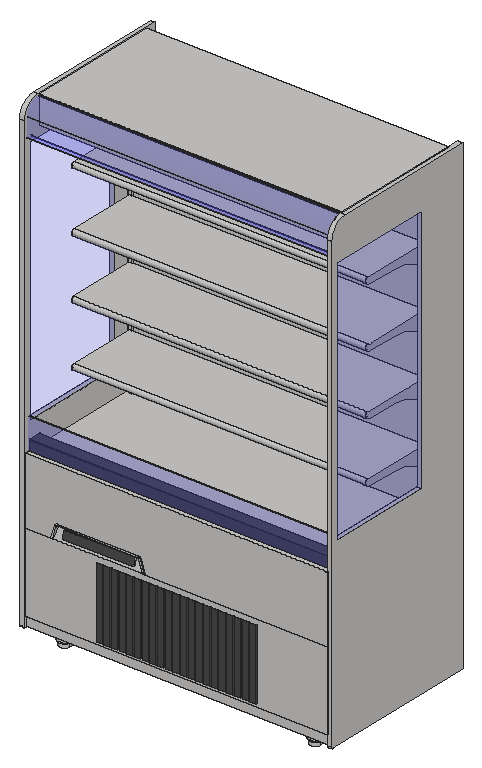
Revit family "Food-Service-Equipment_Oscartek_H78_1290", category Specialty Equipment, Revit 2026
Family settings
  Round Connector Dimension = Use Diameter
  Part Type = Normal
  Classification Number = 23.40.40.11
  Work Plane-Based = No
  Enable Cutting in Views = No
  Always vertical = Yes
  Cut with Voids When Loaded = No
  Maintain Annotation Orientation = No
  Shared = No
  Room Calculation Point = No
Parameters
  Width = 50 3/4"  # constant formula
  Weight in Pounds = 528
  Watts = Volts * FL Amps  # 1980 W
  Waste Water Discharge Temperature [instance] = -459.67 °F
  Volts = 220 V
  URL Cutsheet = "www.oscartek.com"
  URL = "www.oscartek.com"
  Type Mark [instance] = ""
  Type Comments = "As Specified"
  Test Data = "http://www.oscartek.com/company/clients.php"
  Status [instance] = ""
  Specification by User [instance] = ""
  Specification by Manufacturer = ""
  Specification = "https://www.arcat.com/arcatcos/cos48/arc48760.html"
  Show Square Side [instance] = no
  Show Round Side [instance] = not(Show Square Side)  # yes
  Serial Number = ""
  Seismic Rating = ""
  Sales Information = "http://www.oscartek.com/company/contact.php"
  SMACNA No = ""
  Revision Code [instance] = ""
  Revision = "R1_2018-10"
  Product Data = "http://www.oscartek.com/support/manuals/"
  Plumbing Remarks [instance] = ""
  Plumbing Connection Type [instance] = ""
  Phase = 1
  Omniclass Number and Title = ""
  Number of Poles [instance] = 1
  NAFEM Spec ID Number = ""
  Model = "H78 1290"
  Min Ckt Ampacity = 0 A
  Max Overcurrent Protection = 0 A
  Masterspec = ""
  Manufacturer Website = "http://www.oscartek.com/index.php"
  Manufacturer Phone - Toll Free = "855-885-2400"
  Manufacturer Phone = "650-342-2400"
  Manufacturer Fax = "650-342-7400"
  Manufacturer Address = "361 Beach Rd., Burlingame, CA 94010"
  Manufacturer = "OSCARTEK"
  Item Number [instance] = ""
  Installed By [instance] = ""
  Installation-Fabrication = "http://www.oscartek.com/support/manuals/"
  Indirect Waste Size = 1"
  Indirect Waste Flow [instance] = 0 GPM
  Indirect Waste Connection Type [instance] = ""
  Indirect Waste Connection Height = 0"
  Identify Quantity as Lot [instance] = yes
  HP = ""
  Green Building-LEED = "https://www.arcat.com/green/green_building.shtml"
  Furnished By [instance] = ""
  Foodservice Equipment Identifier [instance] = yes
  FL Amps = 9 A
  Electrical Remarks [instance] = ""
  Electric Connection Type [instance] = ""
  Elec Conn RI Height [instance] = 0"
  Elec Conn Connection Height [instance] = 0"
  Drawn By = "Sumex Design, Inc. / Robert S. Weygant, CSI, CDT, SCIP"
  Description = "MURO H78 SELF SERVE AIR SCREEN WALL REFRIGERATION SHOWCASES"
  Default Elevation = 0"
  Cycle = 60 Hz
  Copyright = "©Arcat Inc."
  Construction Details = "http://www.oscartek.com/support/manuals/"
  Conn Plug = ""
  Conn Conduit = yes
  Category = ""
  CSI MasterFormat = "11 41 33"
  CSI Master Format = "Foodservice Shelving"
  Building Codes = "https://www.arcat.com/arcatcos/cos48/arc48760.html"
  Apparent Power = if(Phase = 3, Volts * FL Amps * 1.73, Volts * FL Amps)  # 1980 VA
Reference planes (in)
  plane 1 "BACK": y = 0
  plane 2: z = 0
  plane 3 "LEFT": x = 0
  plane 4 "RIGHT": x = 50.75
  plane 5 "FRONT": y = -26.5
  plane 6 "TOP": z = 78.75
  plane 7 "Center Y": x = 25.375
  plane 8 "Center X": y = -13.25
  plane 9: z = 3.271
  plane 10: x = 0.75
  plane 11: x = 50
  plane 12: z = 16.75
Forms (in)
  Extrusion 1, solid, material "QF_Finishes_Stainless Steel", visible <- "Show Round Side"
    sketch origin (0, 0, 0) x (0, 1, 0) y (0, 0, 1)
      loop
        line (-26.46197, 2.20472) -> (0, 2.20472) -> (0, 78.75) -> (-23.75, 78.75)
        arc (-23.75, 78.75) -> (-25.69454, 77.94454) -> (-26.5, 76) r 2.75
        line (-26.5, 76) -> (-26.5, 2.24275)
        arc (-26.5, 2.24275) -> (-26.48886, 2.21586) -> (-26.46197, 2.20472) r 0.03803
      loop
        line (-25.5, 72.5) -> (-25.5, 31.95472) -> (-8.25, 31.95472) -> (-8.25, 72.5) -> (-25.5, 72.5)
    from 0 to 0.75
  Extrusion 2, solid, material "QF_Finishes_Stainless Steel", visible <- "Show Round Side"
    sketch origin (50.75, 0, 0) x (0, 1, 0) y (0, 0, 1)
      loop
        line (-26.46197, 2.20472) -> (0, 2.20472) -> (0, 78.75) -> (-23.75, 78.75)
        arc (-23.75, 78.75) -> (-25.69454, 77.94454) -> (-26.5, 76) r 2.75
        line (-26.5, 76) -> (-26.5, 2.24275)
        arc (-26.5, 2.24275) -> (-26.48886, 2.21586) -> (-26.46197, 2.20472) r 0.03803
      loop
        line (-25.5, 72.5) -> (-25.5, 31.95472) -> (-8.25, 31.95472) -> (-8.25, 72.5) -> (-25.5, 72.5)
    from 0 to -0.75
  Extrusion 3, solid, material "QF_Finishes_Stainless Steel"
    sketch origin (0, 0, 0) x (0, 1, 0) y (0, 0, 1)
      loop
        line (-26.34338, 2.40551) -> (-20.83158, 2.40551) -> (-20.83158, 3.937) -> (-26.34338, 3.937) -> (-26.34338, 2.40551)
      loop
        line (-6.97334, 2.40551) -> (-1.46154, 2.40551) -> (-1.46154, 3.937) -> (-6.97334, 3.937) -> (-6.97334, 2.40551)
    from 0.75 to 50
  Extrusion 4, solid, material "QF_Finishes_Stainless Steel"
    sketch origin (0, 0, 0) x (0, 1, 0) y (0, 0, 1)
      loop
        line (-26.40231, 3.937) -> (-1.86816, 3.937) -> (-1.86816, 74.20535) -> (-5.74413, 74.20535) -> (-5.74413, 20.17005) -> (-20.70592, 18.5975) -> (-24.50591, 20.79142) -> (-24.50591, 27.12554)
        arc (-24.50591, 27.12554) -> (-24.51736, 27.1533) -> (-24.54506, 27.16491) r 0.03937
        line (-24.54506, 27.16491) -> (-25.68701, 27.16491) -> (-25.68701, 27.63786)
        arc (-25.68701, 27.63786) -> (-25.69839, 27.66534) -> (-25.72586, 27.67672) r 0.03885
        line (-25.72586, 27.67672) -> (-26.41972, 27.67672)
        arc (-26.41972, 27.67672) -> (-26.44719, 27.66534) -> (-26.45857, 27.63788) r 0.03885
        line (-26.45857, 27.63788) -> (-26.46237, 16.75) -> (-26.40231, 16.75) -> (-26.40231, 3.937)
    from 0.75 to 50
  Extrusion 5, solid, material "QF_Finishes_Black"
    sketch origin (0, 0, 0) x (0, 1, 0) y (0, 0, 1)
      loop
        line (-25.68701, 27.16491) -> (-24.50591, 27.16491) -> (-24.50591, 20.79142) -> (-20.70592, 18.5975) -> (-5.74413, 20.17005) -> (-5.74413, 27.19737) -> (-22.53741, 27.19737) -> (-22.53741, 27.64347) -> (-23.70681, 29.31355)
        arc (-23.70681, 29.31355) -> (-23.72081, 29.32583) -> (-23.7389, 29.33026) r 0.03918
        line (-23.7389, 29.33026) -> (-25.64296, 29.33026)
        arc (-25.64296, 29.33026) -> (-25.67411, 29.31735) -> (-25.68701, 29.2862) r 0.04405
        line (-25.68701, 29.2862) -> (-25.68701, 27.16491)
    from 0.75 to 50
  Extrusion 6, solid, material "QF_Finishes_Stainless Steel"
    sketch origin (0, 0, 0) x (0, 1, 0) y (0, 0, 1)
      loop
        line (-22.51772, 27.20355) -> (-6.01382, 27.20355) -> (-6.01382, 27.67965) -> (-22.47332, 27.67965)
        arc (-22.47332, 27.67965) -> (-22.50472, 27.66665) -> (-22.51772, 27.63525) r 0.0444
        line (-22.51772, 27.63525) -> (-22.51772, 27.20355)
    from 0.75 to 50
  Extrusion 7, solid, material "QF_Finishes_Stainless Steel"
    sketch origin (0, -11.98827, 0) x (1, 0, 0) y (0, 1, 0)
      loop
        line (1.25, 5.99413) -> (1.75, 5.99413) -> (1.75, 6.24413) -> (1.25, 6.24413) -> (1.25, 5.99413)
      loop
        line (49.5, 5.99413) -> (49.5, 6.24413) -> (49, 6.24413) -> (49, 5.99413) -> (49.5, 5.99413)
    from 27.19737 to 73.95535
  Extrusion 8, solid, material "QF_Finishes_Stainless Steel"
    sketch origin (50.75, 0, 0) x (0, 1, 0) y (0, 0, 1)
      loop
        line (-5.99413, 36.89332) -> (-17.34146, 36.89332)
        arc (-17.34146, 36.89332) -> (-17.76886, 36.5717) -> (-17.57818, 36.07196) r 0.44479
        arc (-17.57818, 36.07196) -> (-17.19475, 35.89628) -> (-16.77882, 35.82639) r 1.60739
        line (-16.77882, 35.82639) -> (-11.71459, 35.64954)
        arc (-11.71459, 35.64954) -> (-8.59315, 34.99725) -> (-5.99413, 33.14954) r 7.79473
        line (-5.99413, 33.14954) -> (-5.99413, 36.89332)
      loop
        line (-5.99413, 46.69645) -> (-17.34146, 46.69645)
        arc (-17.34146, 46.69645) -> (-17.76886, 46.37483) -> (-17.57818, 45.87508) r 0.44479
        arc (-17.57818, 45.87508) -> (-17.19475, 45.69941) -> (-16.77882, 45.62952) r 1.60739
        line (-16.77882, 45.62952) -> (-11.71459, 45.45267)
        arc (-11.71459, 45.45267) -> (-8.59315, 44.80038) -> (-5.99413, 42.95267) r 7.79473
        line (-5.99413, 42.95267) -> (-5.99413, 46.69645)
      loop
        line (-5.99413, 56.49957) -> (-17.34146, 56.49958)
        arc (-17.34146, 56.49958) -> (-17.76886, 56.17796) -> (-17.57818, 55.67821) r 0.44479
        arc (-17.57818, 55.67821) -> (-17.19475, 55.50254) -> (-16.77882, 55.43264) r 1.60739
        line (-16.77882, 55.43264) -> (-11.71459, 55.2558)
        arc (-11.71459, 55.2558) -> (-8.59315, 54.6035) -> (-5.99413, 52.7558) r 7.79473
        line (-5.99413, 52.7558) -> (-5.99413, 56.49957)
      loop
        line (-5.99413, 66.3027) -> (-17.34146, 66.3027)
        arc (-17.34146, 66.3027) -> (-17.76886, 65.98109) -> (-17.57818, 65.48134) r 0.44479
        arc (-17.57818, 65.48134) -> (-17.19475, 65.30566) -> (-16.77882, 65.23577) r 1.60739
        line (-16.77882, 65.23577) -> (-11.71459, 65.05893)
        arc (-11.71459, 65.05893) -> (-8.59315, 64.40663) -> (-5.99413, 62.55893) r 7.79473
        line (-5.99413, 62.55893) -> (-5.99413, 66.3027)
    from -1.5625 to -1.4375
  Extrusion 9, solid, material "Glass"
    sketch origin (0, 0, 0) x (1, 0, 0) y (0, 1, 0)
      loop
        line (0.75, -25.8878) -> (50, -25.8878) -> (50, -25.68701) -> (0.75, -25.68701) -> (0.75, -25.8878)
    from 27.67672 to 32.79482
  Extrusion 10, solid, material "QF_Finishes_Stainless Steel"
    sketch origin (0, -21.8612, 29.41271) x (0, -0.264111, -0.964492) y (1, 0, 0)
      loop
        line (10.91245, 4.87364) -> (13.41245, 4.87364) -> (13.41245, 20.40346) -> (10.91245, 20.40346) -> (10.91245, 4.87364)
    from 0.96884 to 1.03549
  Extrusion 11, solid, material "QF_Finishes_Stainless Steel"
    sketch origin (0, 0, 0) x (1, 0, 0) y (0, 0, 1)
      loop
        line (5.64183, 18.76487) -> (5.02582, 16.75) -> (5.28724, 16.75) -> (5.8809, 18.69178)
        arc (5.8809, 18.69178) -> (5.97127, 18.81965) -> (6.11998, 18.86869) r 0.25
        line (6.11998, 18.86869) -> (19.13002, 18.86869)
        arc (19.13002, 18.86869) -> (19.27873, 18.81965) -> (19.3691, 18.69178) r 0.25
        line (19.3691, 18.69178) -> (19.96276, 16.75) -> (20.22418, 16.75) -> (19.60817, 18.76487)
        arc (19.60817, 18.76487) -> (19.42743, 19.02062) -> (19.13002, 19.11869) r 0.5
        line (19.13002, 19.11869) -> (6.11998, 19.11869)
        arc (6.11998, 19.11869) -> (5.82257, 19.02062) -> (5.64183, 18.76487) r 0.5
    from 25.13374 to 26.48762
  Extrusion 12, void
    sketch origin (0, 0, 0) x (1, 0, 0) y (0, 0, 1)
      loop
        arc (6.11998, 18.86869) -> (5.97127, 18.81965) -> (5.8809, 18.69178) r 0.25
        line (5.8809, 18.69178) -> (5.28724, 16.75) -> (19.96276, 16.75) -> (19.3691, 18.69178)
        arc (19.3691, 18.69178) -> (19.27873, 18.81965) -> (19.13002, 18.86869) r 0.25
        line (19.13002, 18.86869) -> (6.11998, 18.86869)
    from 25.13374 to 26.46149
  Extrusion 13, solid, material "QF_Finishes_Stainless Steel"
    sketch origin (0, 0, 0) x (0, 1, 0) y (0, 0, 1)
      loop
        line (-26.3643, 16.75) -> (-25.13374, 16.75) -> (-25.13374, 18.86869) -> (-25.80422, 18.86869) -> (-26.3643, 16.75)
    from 4.87364 to 20.40346
  Extrusion 14, solid, material "QF_Finishes_Stainless Steel"
    sketch origin (0, 0, 0) x (1, 0, 0) y (0, 1, 0)
      loop
        circle (46.75, -19.25) r 0.5
    from 16.18107 to 18.86869
  Extrusion 15, solid, material "QF_Finishes_Stainless Steel"
    sketch origin (0, -22.85993, 29.6862) x (0, -0.264111, -0.964492) y (1, 0, 0)
      loop
        arc (12.91245, 18.15026) -> (12.82092, 18.37123) -> (12.59995, 18.46276) r 0.3125
        line (12.59995, 18.46276) -> (12.02826, 18.46276)
        arc (12.02826, 18.46276) -> (11.80729, 18.37123) -> (11.71576, 18.15026) r 0.3125
        line (11.71576, 18.15026) -> (11.71576, 7.10053)
        arc (11.71576, 7.10053) -> (11.80752, 6.879) -> (12.02905, 6.78724) r 0.31329
        line (12.02905, 6.78724) -> (12.59995, 6.78724)
        arc (12.59995, 6.78724) -> (12.82092, 6.87877) -> (12.91245, 7.09974) r 0.3125
        line (12.91245, 7.09974) -> (12.91245, 18.15026)
    from 0 to 0.125
  Extrusion 16, solid, material "QF_Finishes_Black"
    sketch origin (0, -26.40231, 4.01088) x (0, 0, -1) y (1, 0, 0)
      loop
        line (-11.77886, 15.88176) -> (-11.77886, 14.88176) -> (-0.27886, 14.88176) -> (-0.27886, 15.88176) -> (-11.77886, 15.88176)
      loop
        line (-0.27886, 17.13176) -> (-11.77886, 17.13176) -> (-11.77886, 16.13176) -> (-0.27886, 16.13176) -> (-0.27886, 17.13176)
      loop
        line (-0.27886, 18.38176) -> (-11.77886, 18.38176) -> (-11.77886, 17.38176) -> (-0.27886, 17.38176) -> (-0.27886, 18.38176)
      loop
        line (-0.27886, 19.63176) -> (-11.77886, 19.63176) -> (-11.77886, 18.63176) -> (-0.27886, 18.63176) -> (-0.27886, 19.63176)
      loop
        line (-11.77886, 20.88176) -> (-11.77886, 19.88176) -> (-0.27886, 19.88176) -> (-0.27886, 20.88176) -> (-11.77886, 20.88176)
      loop
        line (-11.77886, 21.13176) -> (-0.27886, 21.13176) -> (-0.27886, 22.13176) -> (-11.77886, 22.13176) -> (-11.77886, 21.13176)
      loop
        line (-11.77886, 22.38176) -> (-0.27886, 22.38176) -> (-0.27886, 23.38176) -> (-11.77886, 23.38176) -> (-11.77886, 22.38176)
      loop
        line (-0.27886, 23.63176) -> (-0.27886, 24.63176) -> (-11.77886, 24.63176) -> (-11.77886, 23.63176) -> (-0.27886, 23.63176)
      loop
        line (-11.77886, 24.88176) -> (-0.27886, 24.88176) -> (-0.27886, 25.88176) -> (-11.77886, 25.88176) -> (-11.77886, 24.88176)
      loop
        line (-11.77886, 26.13176) -> (-0.27886, 26.13176) -> (-0.27886, 27.13176) -> (-11.77886, 27.13176) -> (-11.77886, 26.13176)
      loop
        line (-0.27886, 27.38176) -> (-0.27886, 28.38176) -> (-11.77886, 28.38176) -> (-11.77886, 27.38176) -> (-0.27886, 27.38176)
      loop
        line (-11.77886, 13.38176) -> (-11.77886, 12.38176) -> (-0.27886, 12.38176) -> (-0.27886, 13.38176) -> (-11.77886, 13.38176)
      loop
        line (-0.27886, 14.63176) -> (-11.77886, 14.63176) -> (-11.77886, 13.63176) -> (-0.27886, 13.63176) -> (-0.27886, 14.63176)
      loop
        line (-11.77886, 28.63176) -> (-0.27886, 28.63176) -> (-0.27886, 29.63176) -> (-11.77886, 29.63176) -> (-11.77886, 28.63176)
      loop
        line (-0.27886, 29.88176) -> (-0.27886, 30.88176) -> (-11.77886, 30.88176) -> (-11.77886, 29.88176) -> (-0.27886, 29.88176)
      loop
        line (-11.77886, 34.86824) -> (-0.27886, 34.86824) -> (-0.27886, 35.86824) -> (-11.77886, 35.86824) -> (-11.77886, 34.86824)
      loop
        line (-0.27886, 33.61824) -> (-0.27886, 34.61824) -> (-11.77886, 34.61824) -> (-11.77886, 33.61824) -> (-0.27886, 33.61824)
      loop
        line (-0.27886, 32.36824) -> (-0.27886, 33.36824) -> (-11.77886, 33.36824) -> (-11.77886, 32.36824) -> (-0.27886, 32.36824)
      loop
        line (-0.27886, 31.11824) -> (-0.27886, 32.11824) -> (-11.77886, 32.11824) -> (-11.77886, 31.11824) -> (-0.27886, 31.11824)
      loop
        line (-11.77886, 37.36824) -> (-0.27886, 37.36824) -> (-0.27886, 38.36824) -> (-11.77886, 38.36824) -> (-11.77886, 37.36824)
      loop
        line (-0.27886, 36.11824) -> (-0.27886, 37.11824) -> (-11.77886, 37.11824) -> (-11.77886, 36.11824) -> (-0.27886, 36.11824)
    from 0 to 0.0625
  Revolve 17, solid, material "QF_Finishes_Stainless Steel"
    sketch origin (28.62286, -23.62286, 0) x (1, 0, 0) y (0, 0, 1)
      loop
        line (-23.62286, 0) -> (-22.75672, 0) -> (-22.75672, 0.69791) -> (-22.67415, 0.69791)
        arc (-22.67415, 0.69791) -> (-22.56591, 0.7425) -> (-22.5205, 0.85039) r 0.15366
        line (-22.5205, 0.85039) -> (-22.5205, 2.40551) -> (-23.62286, 2.40551) -> (-23.62286, 0)
      axis (-23.62286, 0) -> (-23.62286, 2.40551)
    angle from 0 to 360
  Revolve 18, solid, material "QF_Finishes_Stainless Steel"
    sketch origin (28.62286, -4.25282, 0) x (1, 0, 0) y (0, 0, 1)
      loop
        line (-23.62286, 0) -> (-22.75672, 0) -> (-22.75672, 0.69791) -> (-22.67415, 0.69791)
        arc (-22.67415, 0.69791) -> (-22.56591, 0.7425) -> (-22.5205, 0.85039) r 0.15366
        line (-22.5205, 0.85039) -> (-22.5205, 2.40551) -> (-23.62286, 2.40551) -> (-23.62286, 0)
      axis (-23.62286, 0) -> (-23.62286, 2.40551)
    angle from 0 to 360
  Revolve 19, solid, material "QF_Finishes_Stainless Steel"
    sketch origin (-3.37286, -23.62286, 0) x (-1, 0, 0) y (0, 0, -1)
      loop
        line (-49.12286, 0) -> (-49.12286, -2.40551) -> (-48.0205, -2.40551) -> (-48.0205, -0.85039)
        arc (-48.0205, -0.85039) -> (-48.06591, -0.7425) -> (-48.17415, -0.69791) r 0.15366
        line (-48.17415, -0.69791) -> (-48.25672, -0.69791) -> (-48.25672, 0) -> (-49.12286, 0)
      axis (-49.12286, 0) -> (-49.12286, -2.40551)
    angle from 0 to 360
  Revolve 20, solid, material "QF_Finishes_Stainless Steel"
    sketch origin (-3.37286, -4.25282, 0) x (-1, 0, 0) y (0, 0, -1)
      loop
        line (-49.12286, 0) -> (-49.12286, -2.40551) -> (-48.0205, -2.40551) -> (-48.0205, -0.85039)
        arc (-48.0205, -0.85039) -> (-48.06591, -0.7425) -> (-48.17415, -0.69791) r 0.15366
        line (-48.17415, -0.69791) -> (-48.25672, -0.69791) -> (-48.25672, 0) -> (-49.12286, 0)
      axis (-49.12286, 0) -> (-49.12286, -2.40551)
    angle from 0 to 360
  Extrusion 21, solid, material "Glass", visible <- "Show Round Side"
    sketch origin (0, 0, 0) x (0, -1, 0) y (0, 0, 1)
      loop
        line (8.25, 72.5) -> (8.25, 31.95472) -> (25.5, 31.95472) -> (25.5, 72.5) -> (8.25, 72.5)
    from 0 to -0.75
  Extrusion 22, solid, material "Glass", visible <- "Show Round Side"
    sketch origin (50.75, 0, 0) x (0, 1, 0) y (0, 0, 1)
      loop
        line (-8.25, 72.5) -> (-25.5, 72.5) -> (-25.5, 31.95472) -> (-8.25, 31.95472) -> (-8.25, 72.5)
    from 0 to -0.75
  Extrusion 23, solid, material "QF_Finishes_Stainless Steel"
    sketch origin (0, 0, 0) x (0, 1, 0) y (0, 0, -1)
      loop
        line (-5.99413, -36.89332) -> (-5.99413, -33.14954)
        arc (-5.99413, -33.14954) -> (-8.59315, -34.99725) -> (-11.71459, -35.64954) r 7.79473
        line (-11.71459, -35.64954) -> (-16.77882, -35.82639)
        arc (-16.77882, -35.82639) -> (-17.19475, -35.89628) -> (-17.57818, -36.07196) r 1.60739
        arc (-17.57818, -36.07196) -> (-17.76886, -36.5717) -> (-17.34146, -36.89332) r 0.44479
        line (-17.34146, -36.89332) -> (-5.99413, -36.89332)
      loop
        line (-5.99413, -46.69645) -> (-5.99413, -42.95267)
        arc (-5.99413, -42.95267) -> (-8.59315, -44.80038) -> (-11.71459, -45.45267) r 7.79473
        line (-11.71459, -45.45267) -> (-16.77882, -45.62952)
        arc (-16.77882, -45.62952) -> (-17.19475, -45.69941) -> (-17.57818, -45.87508) r 1.60739
        arc (-17.57818, -45.87508) -> (-17.76886, -46.37483) -> (-17.34146, -46.69645) r 0.44479
        line (-17.34146, -46.69645) -> (-5.99413, -46.69645)
      loop
        line (-5.99413, -56.49957) -> (-5.99413, -52.7558)
        arc (-5.99413, -52.7558) -> (-8.59315, -54.6035) -> (-11.71459, -55.2558) r 7.79473
        line (-11.71459, -55.2558) -> (-16.77882, -55.43264)
        arc (-16.77882, -55.43264) -> (-17.19475, -55.50254) -> (-17.57818, -55.67821) r 1.60739
        arc (-17.57818, -55.67821) -> (-17.76886, -56.17796) -> (-17.34146, -56.49958) r 0.44479
        line (-17.34146, -56.49958) -> (-5.99413, -56.49957)
      loop
        line (-5.99413, -66.3027) -> (-5.99413, -62.55893)
        arc (-5.99413, -62.55893) -> (-8.59315, -64.40663) -> (-11.71459, -65.05893) r 7.79473
        line (-11.71459, -65.05893) -> (-16.77882, -65.23577)
        arc (-16.77882, -65.23577) -> (-17.19475, -65.30566) -> (-17.57818, -65.48134) r 1.60739
        arc (-17.57818, -65.48134) -> (-17.76886, -65.98109) -> (-17.34146, -66.3027) r 0.44479
        line (-17.34146, -66.3027) -> (-5.99413, -66.3027)
    from -1.5625 to -1.4375
  Extrusion 24, solid, material "QF_Finishes_Stainless Steel"
    sketch origin (0, 0, 0) x (0, 1, 0) y (0, 0, -1)
      loop
        line (-5.99413, -36.89332) -> (-5.99413, -35.82639) -> (-16.77882, -35.82639)
        arc (-16.77882, -35.82639) -> (-17.19475, -35.89628) -> (-17.57818, -36.07196) r 1.60739
        arc (-17.57818, -36.07196) -> (-17.76886, -36.5717) -> (-17.34146, -36.89332) r 0.44479
        line (-17.34146, -36.89332) -> (-5.99413, -36.89332)
      loop
        line (-5.99413, -46.69645) -> (-5.99413, -45.62952) -> (-16.77882, -45.62952)
        arc (-16.77882, -45.62952) -> (-17.19475, -45.69941) -> (-17.57818, -45.87508) r 1.60739
        arc (-17.57818, -45.87508) -> (-17.76886, -46.37483) -> (-17.34146, -46.69645) r 0.44479
        line (-17.34146, -46.69645) -> (-5.99413, -46.69645)
      loop
        line (-5.99413, -56.49957) -> (-5.99413, -55.43264) -> (-16.77882, -55.43264)
        arc (-16.77882, -55.43264) -> (-17.19475, -55.50254) -> (-17.57818, -55.67821) r 1.60739
        arc (-17.57818, -55.67821) -> (-17.76886, -56.17796) -> (-17.34146, -56.49958) r 0.44479
        line (-17.34146, -56.49958) -> (-5.99413, -56.49957)
      loop
        line (-5.99413, -66.3027) -> (-5.99413, -65.23577) -> (-16.77882, -65.23577)
        arc (-16.77882, -65.23577) -> (-17.19475, -65.30566) -> (-17.57818, -65.48134) r 1.60739
        arc (-17.57818, -65.48134) -> (-17.76886, -65.98109) -> (-17.34146, -66.3027) r 0.44479
        line (-17.34146, -66.3027) -> (-5.99413, -66.3027)
    from -49.1875 to -1.5625
  Extrusion 25, solid, material "QF_Finishes_Stainless Steel", visible <- "Show Round Side"
    sketch origin (0, 0, 0) x (0, 1, 0) y (0, 0, 1)
      loop
        line (-1.86816, 74.20535) -> (-1.86816, 78.75) -> (-23.61812, 78.75) -> (-23.61812, 74.20535) -> (-1.86816, 74.20535)
      loop
        arc (-26.12086, 73.35631) -> (-26.07664, 73.24957) -> (-25.9699, 73.20535) r 0.15096
        line (-25.9699, 73.20535) -> (-25.18659, 73.20535)
        arc (-25.18659, 73.20535) -> (-25.12409, 73.26785) -> (-25.18659, 73.33035) r 0.0625
        line (-25.18659, 73.33035) -> (-25.99586, 73.33035) -> (-25.99586, 76.375)
        arc (-25.99586, 76.375) -> (-25.37346, 77.8776) -> (-23.87086, 78.5) r 2.125
        line (-23.87086, 78.5) -> (-23.63863, 78.5) -> (-23.63863, 78.625) -> (-23.87086, 78.625)
        arc (-23.87086, 78.625) -> (-25.46185, 77.96599) -> (-26.12086, 76.375) r 2.25
        line (-26.12086, 76.375) -> (-26.12086, 73.35631)
    from 0.75 to 50
  Extrusion 26, solid, material "QF_Finishes_Stainless Steel", visible <- "Show Square Side"
    sketch origin (0, 0, 0) x (0, 1, 0) y (0, 0, 1)
      loop
        line (-26.46197, 2.20472) -> (0, 2.20472) -> (0, 78.5) -> (-26.46855, 78.5)
        arc (-26.46855, 78.5) -> (-26.49079, 78.49079) -> (-26.5, 78.46855) r 0.03145
        line (-26.5, 78.46855) -> (-26.5, 2.24275)
        arc (-26.5, 2.24275) -> (-26.48886, 2.21586) -> (-26.46197, 2.20472) r 0.03803
    from 0 to 0.75
  Extrusion 27, solid, material "QF_Finishes_Stainless Steel", visible <- "Show Square Side"
    sketch origin (50.75, 0, 0) x (0, 1, 0) y (0, 0, 1)
      loop
        line (-26.46197, 2.20472) -> (0, 2.20472) -> (0, 78.5) -> (-26.46855, 78.5)
        arc (-26.46855, 78.5) -> (-26.49079, 78.49079) -> (-26.5, 78.46855) r 0.03145
        line (-26.5, 78.46855) -> (-26.5, 2.24275)
        arc (-26.5, 2.24275) -> (-26.48886, 2.21586) -> (-26.46197, 2.20472) r 0.03803
    from 0 to -0.75
  Extrusion 28, solid, material "QF_Finishes_Stainless Steel", visible <- "Show Square Side"
    sketch origin (0, 0, 0) x (0, 1, 0) y (0, 0, 1)
      loop
        line (-1.86816, 73.95535) -> (-1.86816, 78.5) -> (-26.46855, 78.5)
        arc (-26.46855, 78.5) -> (-26.49079, 78.49079) -> (-26.5, 78.46855) r 0.03145
        line (-26.5, 78.46855) -> (-26.5, 72.95281)
        arc (-26.5, 72.95281) -> (-26.4861, 72.91926) -> (-26.45256, 72.90536) r 0.04744
        line (-26.45256, 72.90536) -> (-26.06693, 72.90536)
        arc (-26.06693, 72.90536) -> (-26.02559, 72.9467) -> (-26.06693, 72.98804) r 0.04134
        line (-26.06693, 72.98804) -> (-26.33346, 72.98804) -> (-26.33346, 74.19651) -> (-25.63361, 75.196) -> (-25.03709, 75.196)
        arc (-25.03709, 75.196) -> (-24.50394, 74.98804) -> (-23.97079, 75.196) r 0.7874
        line (-23.97079, 75.196) -> (-23.61812, 75.196) -> (-23.61812, 73.95535) -> (-1.86816, 73.95535)
    from 0.75 to 50
Cuts and joins
  Extrusion 12 cuts Extrusion 4
  joined: Extrusion 4, Extrusion 10, Extrusion 11, Extrusion 13
  joined: Extrusion 8, Extrusion 23, Extrusion 24
Lines and regions (in)
  symbolic lines
    curve 1: line (0.75, 0, 0) -> (0, 0, 0)
    curve 2: line (0.75, -26.5, 0) -> (0.75, 0, 0)
    curve 3: line (0, -26.5, 0) -> (0.75, -26.5, 0)
    curve 4: line (0, 0, 0) -> (0, -26.5, 0)
    curve 5: line (50, -26.5, 0) -> (50.75, -26.5, 0)
    curve 6: line (50, 0, 0) -> (50, -26.5, 0)
    curve 7: line (50.75, 0, 0) -> (50, 0, 0)
    curve 8: line (50.75, -26.5, 0) -> (50.75, 0, 0)
    curve 9: line (50, -1.46154, 0) -> (0.75, -1.46154, 0)
    curve 10: line (0.75, -26.25, 0) -> (50, -26.25, 0)
  symbolic lines, visible <- "Show Round Side"
    curve 11: line (0.75, -23.61812, 0) -> (50, -23.61812, 0)
Dimensions and locks (in)
  equal spacing: plane 3 "LEFT", plane 7 "Center Y", plane 4 "RIGHT"
  "Width": plane 3 "LEFT" to plane 4 "RIGHT"
  equal spacing: plane 5 "FRONT", plane 8 "Center X", plane 1 "BACK"
  plane 5 "FRONT" to plane 1 "BACK" = 26 1/2"
  plane 6 "TOP" to level = 78 3/4"
  locked: plane 3 "LEFT" to plane 10 at 0.75
  locked: plane 11 to plane 4 "RIGHT" at 0.75
  Extrusion 8 to Extrusion 8 to plane 4 "RIGHT" = 1/8" locked, 1 7/16" locked
  plane 12 to level = 16 3/4"
  Extrusion 11 sketch curve to Extrusion 11 sketch curve to Extrusion 11 sketch curve to Extrusion 11 sketch curve to Extrusion 11 sketch curve to Extrusion 11 sketch curve to Extrusion 11 sketch curve to Extrusion 11 sketch curve = 0.26142" locked, 0.83274" locked, 0" locked, 13.01004" locked, 0" locked, 0.83274" locked, 0.26142" locked
  plane 3 "LEFT" to Extrusion 10 sketch curve to Extrusion 10 sketch curve = 4.87364" locked, 15.52982" locked
  Extrusion 12 sketch curve to Extrusion 12 sketch curve to Extrusion 12 sketch curve to Extrusion 12 sketch curve = 0.83274" locked, 13.01004" locked, 0.83274" locked
  Revolve 19 sketch curve to Revolve 19 sketch curve to Revolve 19 sketch curve to Revolve 19 sketch curve to plane 4 "RIGHT" = 0.15365" locked, 0.08257" locked, 0.86614" locked, 5" locked
  Revolve 20 sketch curve to Revolve 20 sketch curve to Revolve 20 sketch curve to Revolve 20 sketch curve to plane 4 "RIGHT" = 0.15365" locked, 0.08257" locked, 0.86614" locked, 5" locked
  locked: Extrusion 23 to Extrusion 23 at 0.125
  aligned and locked: level to plane 2
  aligned and locked: plane 6 "TOP" to Extrusion 1 sketch curve
  aligned and locked: Extrusion 2 to plane 11
  aligned and locked: plane 10 to Extrusion 3
  aligned and locked: plane 11 to Extrusion 3
  aligned and locked: plane 10 to Extrusion 4
  aligned and locked: plane 11 to Extrusion 4
  aligned and locked: plane 10 to Extrusion 5
  aligned and locked: plane 11 to Extrusion 5
  aligned and locked: plane 10 to Extrusion 6
  aligned and locked: plane 11 to Extrusion 6
  aligned and locked: Extrusion 24 to Extrusion 23
  aligned and locked: Extrusion 24 to Extrusion 8
  aligned and locked: plane 11 to Extrusion 28
  aligned and locked: plane 11 to Extrusion 25
Automatic sketch dimensions
  plane 1 "BACK" to curve 1 = 0"
  curve 1 to plane 3 "LEFT" = 0"
  plane 5 "FRONT" to curve 3 = 0"
  curve 3 to plane 10 = 0"
  plane 5 "FRONT" to curve 6 = 0"
  curve 6 to plane 11 = 0"
  plane 1 "BACK" to curve 7 = 0"
  curve 7 to plane 4 "RIGHT" = 0"
  curve 10 to plane 5 "FRONT" = 1/4"
  plane 1 "BACK" to curve 9 = 1.46154"
  Extrusion 1 sketch curve to plane 5 "FRONT" = 0"
  Extrusion 1 sketch curve to plane 1 "BACK" = 0"
  Extrusion 1 sketch curve to plane 5 "FRONT" = 0.03803"
  Extrusion 1 sketch curve to plane 5 "FRONT" = 1"
  Extrusion 1 sketch curve to plane 5 "FRONT" = 2 3/4"
  plane 8 "Center X" to Extrusion 1 sketch curve = 5"
  Extrusion 1 sketch curve to Extrusion 1 sketch curve = 3 1/2"
  plane 12 to Extrusion 1 sketch curve = 15.20472"
  Extrusion 1 sketch curve to plane 9 = 1.02825"
  Extrusion 2 sketch curve to plane 5 "FRONT" = 0"
  Extrusion 2 sketch curve to plane 6 "TOP" = 0"
  Extrusion 2 sketch curve to plane 1 "BACK" = 0"
  Extrusion 2 sketch curve to plane 5 "FRONT" = 0.03803"
  Extrusion 2 sketch curve to plane 5 "FRONT" = 1"
  Extrusion 2 sketch curve to Extrusion 2 sketch curve = 2 3/4"
  plane 8 "Center X" to Extrusion 2 sketch curve = 5"
  Extrusion 2 sketch curve to Extrusion 2 sketch curve = 3 1/2"
  plane 12 to Extrusion 2 sketch curve = 15.20472"
  Extrusion 2 sketch curve to plane 9 = 1.02825"
  Extrusion 3 sketch curve to plane 5 "FRONT" = 0.15662"
  plane 9 to Extrusion 3 sketch curve = 0.666"  (x2)
  Extrusion 3 sketch curve to Extrusion 3 sketch curve = 5.5118"
  Extrusion 3 sketch curve to plane 9 = 0.86549"  (x2)
  plane 8 "Center X" to Extrusion 3 sketch curve = 6.27666"
  plane 1 "BACK" to Extrusion 3 sketch curve = 1.46154"
  Extrusion 4 sketch curve to plane 12 = 0"
  Extrusion 4 sketch curve to plane 5 "FRONT" = 0.03763"
  Extrusion 4 sketch curve to plane 5 "FRONT" = 0.04143"
  Extrusion 4 sketch curve to Extrusion 4 sketch curve = 0.03885"  (x3)
  Extrusion 4 sketch curve to plane 5 "FRONT" = 0.09769"
  Extrusion 4 sketch curve to Extrusion 4 sketch curve = 0.69386"
  Extrusion 4 sketch curve to Extrusion 4 sketch curve = 1.14173"
  Extrusion 4 sketch curve to Extrusion 4 sketch curve = 0.00022"
  Extrusion 4 sketch curve to Extrusion 4 sketch curve = 0.03937"
  plane 12 to Extrusion 4 sketch curve = 1.8475"
  Extrusion 4 sketch curve to Extrusion 4 sketch curve = 3.79999"
  plane 1 "BACK" to Extrusion 4 sketch curve = 5.74413"
  plane 9 to Extrusion 4 sketch curve = 0.666"
  plane 1 "BACK" to Extrusion 4 sketch curve = 1.86816"
  plane 12 to Extrusion 4 sketch curve = 3.42005"
  plane 12 to Extrusion 4 sketch curve = 4.04142"
  Extrusion 4 sketch curve to Extrusion 4 sketch curve = 6.33411"
  Extrusion 4 sketch curve to Extrusion 4 sketch curve = 0.47296"
  Extrusion 5 sketch curve to plane 5 "FRONT" = 0.81299"
  Extrusion 5 sketch curve to Extrusion 5 sketch curve = 0.04405"
  Extrusion 5 sketch curve to Extrusion 5 sketch curve = 0"  (x2)
  Extrusion 5 sketch curve to Extrusion 5 sketch curve = 1.1811"
  Extrusion 5 sketch curve to Extrusion 5 sketch curve = 1.90406"
  Extrusion 5 sketch curve to Extrusion 5 sketch curve = 0.03209"
  Extrusion 5 sketch curve to Extrusion 5 sketch curve = 1.9685"
  plane 12 to Extrusion 5 sketch curve = 1.8475"
  Extrusion 5 sketch curve to Extrusion 5 sketch curve = 3.79999"
  plane 1 "BACK" to Extrusion 5 sketch curve = 5.74413"
  plane 12 to Extrusion 5 sketch curve = 3.42005"
  plane 12 to Extrusion 5 sketch curve = 4.04142"
  Extrusion 5 sketch curve to Extrusion 5 sketch curve = 6.37348"
  Extrusion 5 sketch curve to Extrusion 5 sketch curve = 7.02732"
  Extrusion 5 sketch curve to Extrusion 5 sketch curve = 0.03247"
  Extrusion 5 sketch curve to Extrusion 5 sketch curve = 0.4461"
  Extrusion 5 sketch curve to Extrusion 5 sketch curve = 2.1213"
  Extrusion 5 sketch curve to Extrusion 5 sketch curve = 0.00488"
  Extrusion 5 sketch curve to Extrusion 5 sketch curve = 0.02247"
  Extrusion 6 sketch curve to plane 5 "FRONT" = 3.98228"
  Extrusion 6 sketch curve to Extrusion 6 sketch curve = 0.0444"
  plane 1 "BACK" to Extrusion 6 sketch curve = 6.01382"
  plane 12 to Extrusion 6 sketch curve = 10.45355"
  Extrusion 6 sketch curve to Extrusion 6 sketch curve = 0.4317"
  plane 10 to Extrusion 7 sketch curve = 1/2"
  Extrusion 7 sketch curve to Extrusion 7 sketch curve = 1/2"  (x2)
  plane 11 to Extrusion 7 sketch curve = 1"
  Extrusion 7 sketch curve to plane 1 "BACK" = 5.74413"  (x2)
  Extrusion 7 sketch curve to Extrusion 7 sketch curve = 1/4"  (x2)
  Extrusion 8 sketch curve to plane 8 "Center X" = 4.32818"  (x4)
  Extrusion 8 sketch curve to Extrusion 8 sketch curve = 0"  (x8)
  Extrusion 8 sketch curve to Extrusion 8 sketch curve = 0.23672"  (x4)
  Extrusion 8 sketch curve to Extrusion 8 sketch curve = 0.79936"  (x4)
  Extrusion 8 sketch curve to Extrusion 8 sketch curve = 0.61874"  (x4)
  plane 8 "Center X" to Extrusion 8 sketch curve = 1.53541"  (x4)
  Extrusion 8 sketch curve to Extrusion 8 sketch curve = 5.72045"  (x3)
  plane 1 "BACK" to Extrusion 8 sketch curve = 5.99413"
  plane 12 to Extrusion 8 sketch curve = 11.10482"
  Extrusion 8 sketch curve to Extrusion 8 sketch curve = 5.29473"
  Extrusion 8 sketch curve to Extrusion 8 sketch curve = 0.17685"  (x4)
  Extrusion 8 sketch curve to Extrusion 8 sketch curve = 0.24557"  (x4)
  Extrusion 8 sketch curve to Extrusion 8 sketch curve = 3.74377"  (x4)
  Extrusion 8 sketch curve to Extrusion 8 sketch curve = 2.0084"  (x3)
  Extrusion 8 sketch curve to Extrusion 8 sketch curve = 6.05935"  (x3)
  Extrusion 9 sketch curve to plane 10 = 0"
  Extrusion 9 sketch curve to plane 11 = 0"
  Extrusion 9 sketch curve to plane 5 "FRONT" = 0.6122"
  Extrusion 9 sketch curve to Extrusion 9 sketch curve = 0.20079"
  Extrusion 10 sketch curve to Extrusion 10 sketch curve = 2 1/2"
  Extrusion 11 sketch curve to Extrusion 11 sketch curve = 0"  (x4)
  Extrusion 11 sketch curve to plane 12 = 0"  (x2)
  Extrusion 11 sketch curve to plane 10 = 4.27582"
  Extrusion 11 sketch curve to Extrusion 11 sketch curve = 0.47815"
  plane 12 to Extrusion 11 sketch curve = 1.94178"  (x2)
  Extrusion 11 sketch curve to Extrusion 11 sketch curve = 0.23908"  (x3)
  Extrusion 11 sketch curve to Extrusion 11 sketch curve = 0.07309"  (x2)
  Extrusion 12 sketch curve to plane 12 = 0"
  Extrusion 12 sketch curve to plane 10 = 4.53724"
  plane 12 to Extrusion 12 sketch curve = 1.94178"
  Extrusion 12 sketch curve to Extrusion 12 sketch curve = 0.23908"  (x2)
  Extrusion 12 sketch curve to Extrusion 12 sketch curve = 0.07309"
  Extrusion 12 sketch curve to Extrusion 12 sketch curve = 1/4"
  Extrusion 13 sketch curve to plane 12 = 0"
  Extrusion 13 sketch curve to plane 5 "FRONT" = 0.1357"
  Extrusion 13 sketch curve to plane 5 "FRONT" = 0.69578"
  Extrusion 13 sketch curve to Extrusion 13 sketch curve = 0.67048"
  plane 12 to Extrusion 13 sketch curve = 2.11869"
  Extrusion 14 sketch curve to plane 11 = 3 1/4"
  Extrusion 14 sketch curve to plane 8 "Center X" = 6"
  Extrusion 15 sketch curve to Extrusion 10 = 0.80331"
  Extrusion 15 sketch curve to Extrusion 15 sketch curve = 5/16"  (x2)
  Extrusion 15 sketch curve to Extrusion 15 sketch curve = 0.31329"
  Extrusion 15 sketch curve to Extrusion 15 sketch curve = 0.57169"
  Extrusion 15 sketch curve to Extrusion 15 sketch curve = 0.5709"
  Extrusion 15 sketch curve to Extrusion 10 = 1.9136"
  Extrusion 15 sketch curve to Extrusion 10 = 2.2532"
  Revolve 17 sketch curve to level = 0"
  Revolve 17 sketch curve to plane 10 = 4 1/4"
  Revolve 17 sketch curve to Revolve 17 sketch curve = 0"  (x2)
  level to Revolve 17 sketch curve = 0.69791"
  Revolve 17 sketch curve to Revolve 17 sketch curve = 0.86614"
  Revolve 17 sketch curve to Revolve 17 sketch curve = 0.08257"
  Revolve 17 sketch curve to Revolve 17 sketch curve = 0.15365"
  Revolve 17 sketch curve to Revolve 17 sketch curve = 0.15248"
  Revolve 17 sketch curve to plane 9 = 0.86549"
  Revolve 17 sketch curve to Revolve 17 sketch curve = 1/4"
  Revolve 18 sketch curve to level = 0"
  Revolve 18 sketch curve to plane 10 = 4 1/4"
  Revolve 18 sketch curve to Revolve 18 sketch curve = 0"  (x2)
  level to Revolve 18 sketch curve = 0.69791"
  Revolve 18 sketch curve to Revolve 18 sketch curve = 0.86614"
  Revolve 18 sketch curve to Revolve 18 sketch curve = 0.08257"
  Revolve 18 sketch curve to Revolve 18 sketch curve = 0.15365"
  Revolve 18 sketch curve to Revolve 18 sketch curve = 0.15248"
  Revolve 18 sketch curve to plane 9 = 0.86549"
  Revolve 18 sketch curve to Revolve 18 sketch curve = 1/4"
  Revolve 19 sketch curve to level = 0"
  Revolve 19 sketch curve to Revolve 19 sketch curve = 0"
  Revolve 19 sketch curve to Revolve 19 sketch curve = 0.69791"
  Revolve 19 sketch curve to Revolve 19 sketch curve = 0.15248"
  Revolve 19 sketch curve to plane 9 = 0.86549"  (x2)
  Revolve 19 sketch curve to Revolve 19 sketch curve = 1/4"
  Revolve 20 sketch curve to level = 0"
  Revolve 20 sketch curve to Revolve 20 sketch curve = 0"
  Revolve 20 sketch curve to Revolve 20 sketch curve = 0.69791"
  Revolve 20 sketch curve to Revolve 20 sketch curve = 0.15248"
  Revolve 20 sketch curve to plane 9 = 0.86549"  (x2)
  Revolve 20 sketch curve to Revolve 20 sketch curve = 1/4"
  Extrusion 21 sketch curve to Extrusion 1 = 0"  (x4)
  Extrusion 22 sketch curve to plane 5 "FRONT" = 1"
  plane 8 "Center X" to Extrusion 22 sketch curve = 5"
  plane 12 to Extrusion 22 sketch curve = 15.20472"
  Extrusion 22 sketch curve to plane 6 "TOP" = 6 1/4"
  Extrusion 23 sketch curve to plane 8 "Center X" = 4.32818"  (x4)
  Extrusion 23 sketch curve to Extrusion 23 sketch curve = 0"  (x8)
  Extrusion 23 sketch curve to Extrusion 23 sketch curve = 0.23672"  (x4)
  Extrusion 23 sketch curve to Extrusion 23 sketch curve = 0.79936"  (x4)
  Extrusion 23 sketch curve to Extrusion 23 sketch curve = 0.61874"  (x4)
  plane 8 "Center X" to Extrusion 23 sketch curve = 1.53541"  (x4)
  Extrusion 23 sketch curve to Extrusion 23 sketch curve = 5.72045"  (x3)
  plane 1 "BACK" to Extrusion 23 sketch curve = 5.99413"
  Extrusion 23 sketch curve to plane 6 "TOP" = 11.90781"
  Extrusion 23 sketch curve to Extrusion 23 sketch curve = 0.53948"  (x5)
  Extrusion 23 sketch curve to Extrusion 23 sketch curve = 0.17685"
  Extrusion 23 sketch curve to Extrusion 23 sketch curve = 3.74377"  (x4)
  Extrusion 23 sketch curve to Extrusion 23 sketch curve = 0.22514"  (x3)
  Extrusion 23 sketch curve to Extrusion 23 sketch curve = 0.76463"  (x3)
  Extrusion 23 sketch curve to Extrusion 23 sketch curve = 2.0084"  (x3)
  Extrusion 24 sketch curve to plane 8 "Center X" = 4.32818"  (x4)
  Extrusion 24 sketch curve to Extrusion 24 sketch curve = 0"  (x8)
  Extrusion 24 sketch curve to Extrusion 24 sketch curve = 0.23672"  (x4)
  Extrusion 24 sketch curve to Extrusion 24 sketch curve = 0.79936"  (x4)
  Extrusion 24 sketch curve to Extrusion 24 sketch curve = 0.61874"  (x4)
  plane 1 "BACK" to Extrusion 24 sketch curve = 5.99413"  (x4)
  Extrusion 24 sketch curve to plane 6 "TOP" = 11.90781"
  Extrusion 24 sketch curve to Extrusion 24 sketch curve = 0.53948"  (x4)
  Extrusion 24 sketch curve to Extrusion 24 sketch curve = 1.06693"  (x4)
  Extrusion 24 sketch curve to Extrusion 24 sketch curve = 8.19671"  (x3)
  Extrusion 25 sketch curve to Extrusion 25 sketch curve = 0"  (x2)
  Extrusion 25 sketch curve to plane 6 "TOP" = 0"
  Extrusion 25 sketch curve to plane 5 "FRONT" = 0.37914"
  Extrusion 25 sketch curve to Extrusion 25 sketch curve = 1/8"
  Extrusion 25 sketch curve to Extrusion 25 sketch curve = 0.02596"
  Extrusion 25 sketch curve to Extrusion 25 sketch curve = 0.78331"
  Extrusion 25 sketch curve to plane 6 "TOP" = 1/8"
  Extrusion 25 sketch curve to plane 5 "FRONT" = 2.62914"
  Extrusion 25 sketch curve to Extrusion 25 sketch curve = 0.23223"
  Extrusion 25 sketch curve to Extrusion 25 sketch curve = 0.02051"
  plane 1 "BACK" to Extrusion 25 sketch curve = 1.86816"
  Extrusion 25 sketch curve to Extrusion 25 sketch curve = 3.16965"
  Extrusion 25 sketch curve to Extrusion 25 sketch curve = 1/16"
  Extrusion 25 sketch curve to Extrusion 25 sketch curve = 7/8"
  Extrusion 4 sketch curve to plane 6 "TOP" = 4.54465"
  Extrusion 26 sketch curve to plane 5 "FRONT" = 0"
  Extrusion 26 sketch curve to plane 1 "BACK" = 0"
  Extrusion 26 sketch curve to plane 5 "FRONT" = 0.03145"
  Extrusion 26 sketch curve to plane 5 "FRONT" = 0.03803"
  Extrusion 26 sketch curve to plane 9 = 1.06628"
  Extrusion 26 sketch curve to plane 6 "TOP" = 0.28145"
  Extrusion 28 sketch curve to plane 5 "FRONT" = 0"
  Extrusion 28 sketch curve to plane 5 "FRONT" = 0.03145"
  Extrusion 28 sketch curve to plane 5 "FRONT" = 0.04744"
  Extrusion 28 sketch curve to plane 5 "FRONT" = 0.16654"
  Extrusion 28 sketch curve to Extrusion 28 sketch curve = 0.26653"
  Extrusion 28 sketch curve to plane 5 "FRONT" = 0.86639"
  Extrusion 28 sketch curve to Extrusion 28 sketch curve = 0.59653"
  Extrusion 28 sketch curve to Extrusion 28 sketch curve = 0.53315"  (x2)
  Extrusion 28 sketch curve to Extrusion 28 sketch curve = 0.35268"
  Extrusion 28 sketch curve to plane 6 "TOP" = 1/4"
  plane 1 "BACK" to Extrusion 28 sketch curve = 1.86816"
  Extrusion 28 sketch curve to plane 6 "TOP" = 2.97456"
  Extrusion 28 sketch curve to Extrusion 28 sketch curve = 0.57944"
  Extrusion 28 sketch curve to Extrusion 28 sketch curve = 0.99949"
  Extrusion 28 sketch curve to Extrusion 28 sketch curve = 4.54465"
  Extrusion 28 sketch curve to Extrusion 28 sketch curve = 1.20847"
  Extrusion 28 sketch curve to Extrusion 28 sketch curve = 0.03523"
  Extrusion 27 sketch curve to plane 5 "FRONT" = 0"
  Extrusion 27 sketch curve to plane 1 "BACK" = 0"
  Extrusion 27 sketch curve to plane 5 "FRONT" = 0.03145"
  Extrusion 27 sketch curve to plane 5 "FRONT" = 0.03803"
  Extrusion 27 sketch curve to plane 9 = 1.06628"
  Extrusion 27 sketch curve to plane 6 "TOP" = 0.28145"
  Extrusion 4 to Extrusion 16 sketch curve = 0.96026"  (x11)
  Extrusion 16 sketch curve to Extrusion 16 sketch curve = 0"  (x22)
  Extrusion 4 to Extrusion 16 sketch curve = 0.35274"  (x9)
  Extrusion 4 to Extrusion 16 sketch curve = 11.63176"
  Extrusion 16 sketch curve to Extrusion 16 sketch curve = 1"  (x21)
  Extrusion 16 sketch curve to Extrusion 16 sketch curve = 1/4"  (x19)
  Extrusion 16 sketch curve to Extrusion 16 sketch curve = 0.23648"
  curve 10 to curve 11 = 2.63188"
  radius of Extrusion 14 sketch curve = 1/2"
Connectors (in)
  electrical at (25.375, -14.13523, 3.937), driven by "Volts", driven by "Watts"
    settings: on cut or joined group of Extrusion 4, Extrusion 10, Extrusion 11, Extrusion 12, Extrusion 13, index 1, voltage 220 V, apparent load 1980 VA, apparent load phase1 0 VA, apparent load phase2 0 VA, apparent load phase3 0 VA, power factor 1, load classification "Other", number of poles 1, system type 30, power factor state 1, is connector primary yes, connector utility no, sub classification motor no, connector description "Electrical Connection"
  piping at (46.75, -19.25, 16.18107), diameter 1
    settings: on Extrusion 14, index 2, connector inside diameter 1", connector length 0", flow factor 0, pipe flow 0 GPM, pressure drop 0.00 psi, fitting loss kfactor 0, connector angle 0.00°, fixture units 0, engagement length 0", angle of deflection 0.00°, flow configuration 1, flow direction 2, fitting loss method 0, system type 16, joint type 0, gender type 0, connector reference index -1, connector utility 0, adjustable connector no, is connector primary yes, connector description "Drain"
